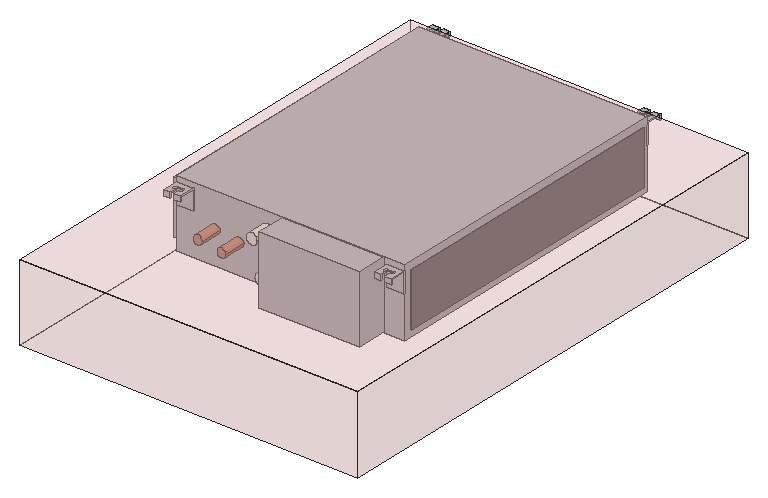
Revit family "PEFY-WP40VMS1-E_Service_Area3", category Mechanical Equipment, host Ceiling, Revit 2012
Parameters (values of type "PEFY-WP40VMS1-E_240V_60Hz")
  Description = "Ceiling concealed"
  Manufacturer = "Mitsubishi Electric Corporation"
  Model = "PEFY-WP40VMS1-E"
  Width = 990 mm
  Water Pipe_radius (To HBC Unit) = 13.2 mm
  Water Pipe_radius (From HBC Unit) = 13.2 mm
  WarrantyStart = ""
  Voltage = 240 V
  Unit Weight (kg) = 25
  URL = "http://www.mitsubishielectric.com/"
  TagNumber = 0
  Subcategory = "HVAC"
  Space View = yes
  Sound Pressure Level_Mid (dB(A)) = 32
  Sound Pressure Level_Low (dB(A)) = 30
  Sound Pressure Level_High (dB(A)) = 35
  SerialNumber = 0
  ReplacementYear = ""
  Protection Device = "Fuse"
  Phase = 1
  Maximum Circuit Ampacity (A) = 1
  InstallationDate = ""
  Hertz = 60 Hz
  Height = 200 mm
  Heating Power Input (kW) = 0.07
  Heating Current (A) = 0.62
  Heating Capacity (kW) = 5
  Fan_Type = "Sirocco fan"
  Fan_Quantity = 3
  Fan Motor Output (kW) = 0.096
  External_static_pressure (Pa) = "5-15-35-50"
  External Finish = "Galvanized steel plate"
  Equip_description = ""
  Equip_No. = 0
  Equip_ID = ""
  Drain pipe2_radius = 16 mm
  Drain pipe1_radius = 16 mm
  Description = ""
  Depth = 700 mm
  CreatedOn = ""
  CreatedBy = ""
  Cooling Power Input (kW) = 0.09
  Cooling Current (A) = 0.73
  Cooling Capacity (kW) = 4.5
  Category = ""
  Barcode = ""
  AssetIdentifier = ""
  Airflow Rate_Mid (m3/min) = 11
  Airflow Rate_Mid (m3/h) = 660
  Airflow Rate_Low (m3/min) = 9.5
  Airflow Rate_Low (m3/h) = 570
  Airflow Rate_High (m3/min) = 13
  Airflow Rate_High (m3/h) = 780
Types (6, lengths in mm): name | Voltage | Maximum Circuit Ampacity (A) | Hertz
  PEFY-WP40VMS1-E_220V_50Hz | 220 V | 1.02 | 50 Hz
  PEFY-WP40VMS1-E_220V_60Hz | 220 V | 1 | 60 Hz
  PEFY-WP40VMS1-E_230V_50Hz | 230 V | 1.02 | 50 Hz
  PEFY-WP40VMS1-E_230V_60Hz | 230 V | 1 | 60 Hz
  PEFY-WP40VMS1-E_240V_50Hz | 240 V | 1.02 | 50 Hz
  PEFY-WP40VMS1-E_240V_60Hz | 240 V | 1 | 60 Hz
Reference planes
  plane 1 "Center (Front/Back)": y = 0
  plane 2: z = 0
  plane 3 "Center (Left/Right)": x = 0
  plane 4 "Ceiling": z = 4030
  plane 5: z = 4050
  plane 6: z = 4250
  plane 7: y = -450
  plane 8: y = 350
  plane 9: y = 450
  plane 10: z = 4235
  plane 11: x = 325
  plane 12: x = 350
  plane 13: x = -300
  plane 14: x = -350
  plane 15: z = 4230
  plane 16: x = -57
  plane 17: z = 4202
  plane 18: z = 4080
  plane 19: x = -211
  plane 20: x = -141
  plane 21: z = 4148
  plane 22: z = 4138
  plane 23: y = -1000
  plane 24: y = -450
  plane 25: y = -430
  plane 26: y = -540
Forms (mm)
  Extrusion 1, solid, material "Plated steel"
    sketch origin (88.259, -237.375, 3750) x (1, 0, 0) y (0, 1, 0)
      loop
        line (-415.259, 687.375) -> (-415.259, -212.625) -> (261.741, -212.625) -> (261.741, 687.375) -> (-415.259, 687.375)
    from 300 to 500
  Extrusion 2, solid, material "Service space", visible <- "Space View"
    sketch origin (-2000, 6100, 4050) x (0, 1, 0) y (1, 0, 0)
      loop
        line (-7100, 1650) -> (-5650, 1650) -> (-5650, 2650) -> (-7100, 2650) -> (-7100, 1650)
    from 20 to -210
  Extrusion 3, solid
    sketch origin (0, 100, 0) x (0, 1, 0) y (0, 0, 1)
      loop
        line (-530, 4230) -> (-530, 4071) -> (330, 4071) -> (330, 4230) -> (-530, 4230)
    from 350 to 355
  Extrusion 4, solid
    sketch origin (-350, 100, 4250) x (0, 0, 1) y (0, -1, 0)
      loop
        line (-20, 530) -> (-179, 530) -> (-179, -330) -> (-20, -330) -> (-20, 530)
    from 0 to 23
  Extrusion 5, solid
    sketch origin (794.259, -450, 3750) x (-1, 0, 0) y (0, 0, -1)
      loop
        circle (851.259, -452) r 16
    from 0 to 57
  Extrusion 6, solid
    sketch origin (794.259, -450, 3750) x (-1, 0, 0) y (0, 0, -1)
      loop
        circle (851.259, -330) r 16
    from 0 to 25
  Extrusion 7, solid
    sketch origin (794.259, -450, 3750) x (-1, 0, 0) y (0, 0, -1)
      loop
        line (505.751, -500) -> (805.751, -500) -> (805.751, -300) -> (505.751, -300) -> (505.751, -500)
    from 0 to 90
  Extrusion 8, solid
    sketch origin (794.259, -450, 3750) x (-1, 0, 0) y (0, 0, -1)
      loop
        circle (1005.259, -398) r 13.2
      loop
        circle (935.259, -388) r 13.2
    from 0 to 64
Lines and regions (mm)
  model lines, visible <- "Space View"
    curve 1: line (-400, 500, 4030) -> (377, 500, 4030)
    curve 2: line (-400, -1000, 4030) -> (-400, 500, 4030)
    curve 3: line (377, -1000, 4030) -> (-400, -1000, 4030)
    curve 4: line (377, 500, 4030) -> (377, -1000, 4030)
Dimensions and locks
  equal spacing: host sketch curve, plane 3 "Center (Left/Right)", host sketch curve
  equal spacing: host sketch curve, plane 1 "Center (Front/Back)", host sketch curve
  host sketch curve to host sketch curve = 4000 mm  (x2)
  locked: plane 4 "Ceiling" to host ceiling at 0
  Extrusion 1 to Extrusion 1 = 900 mm
  Extrusion 1 to plane 1 "Center (Front/Back)" = 450 mm
  plane 5 to Extrusion 1 = 200 mm
  plane 6 to plane 5 = 200 mm
  plane 4 "Ceiling" to plane 5 = 20 mm
  Extrusion 1 to Extrusion 1 = 677 mm
  plane 7 to plane 9 = 900 mm
  locked: plane 10 to plane 6 at 15
  locked: plane 15 to plane 6 at 20
  locked: Extrusion 3 to plane 15 at 159
  locked: Extrusion 4 to plane 15 at 159
  plane 6 to plane 17 to plane 18 = 48 mm locked, 122 mm locked
  locked: Extrusion 7 to Extrusion 7 at 200
  plane 6 to plane 21 to plane 22 = 102 mm locked, 10 mm locked
  plane 14 to curve 4 = 727 mm
  aligned and locked: plane 5 to Extrusion 1
  aligned and locked: Extrusion 1 to plane 6
  aligned and locked: plane 7 to Extrusion 1
  aligned and locked: plane 9 to Extrusion 1
  aligned and locked: nested 1 to Extrusion 1
  aligned and locked: nested 1 to plane 13
  aligned and locked: nested 1 to plane 10
  aligned and locked: nested 2 to plane 10
  aligned and locked: plane 10 to nested 4
  aligned and locked: plane 10 to nested 3
  aligned and locked: nested 4 to plane 9
  aligned and locked: nested 3 to plane 9
  aligned and locked: Extrusion 3 to plane 15
  aligned and locked: Extrusion 4 to plane 15
  aligned and locked: plane 7 to nested 2
  aligned and locked: plane 17 to Extrusion 5
  aligned and locked: plane 18 to Extrusion 6
  aligned and locked: Extrusion 7 to plane 6
  aligned and locked: plane 21 to Extrusion 8
  aligned and locked: plane 22 to Extrusion 8
Nested families
  nested 1: "LEG" at (-300, -476, 4235), type "LEG_28"
  nested 2: "LEG" at (325, -476, 4235), type "LEG_28"
  nested 3: "LEG" at (-300, 476, 4235), type "LEG_28"
  nested 4: "LEG" at (325, 476, 4235), type "LEG_28"
Connectors
  piping at (-57, -507, 4202), driven by "Drain pipe1_radius"
    settings: on Extrusion 5, index 1, connector radius 16 mm, flow factor 0, pipe flow 0.0 L/s, pressure drop 0.0 Pa, fitting loss kfactor 0, connector angle 0.00°, fixture units 0, engagement length 0 mm, flow configuration 0, flow direction 2, fitting loss method 0, system type 22, joint type 0, gender type 0, connector reference index -1, connector utility 0, adjustable connector no, is connector primary yes, fitting loss table "", connector description "Drain pipe"
  piping at (-57, -475, 4080), driven by "Drain pipe2_radius"
    settings: on Extrusion 6, index 2, connector radius 16 mm, flow factor 0, pipe flow 0.0 L/s, pressure drop 0.0 Pa, fitting loss kfactor 0, connector angle 0.00°, fixture units 0, engagement length 0 mm, flow configuration 0, flow direction 2, fitting loss method 0, system type 22, joint type 0, gender type 0, connector reference index -1, connector utility 0, adjustable connector no, is connector primary no, fitting loss table "", connector description "Drain pipe"
  piping at (-141, -514, 4138)
    settings: on Extrusion 8, index 3, connector radius 13.2 mm, flow factor 0, pipe flow 0.0 L/s, pressure drop 0.0 Pa, fitting loss kfactor 0, connector angle 0.00°, fixture units 0, engagement length 0 mm, flow configuration 0, flow direction 1, fitting loss method 0, system type 22, joint type 0, gender type 0, connector reference index -1, connector utility 0, adjustable connector no, is connector primary no, fitting loss table "", connector description "Water pipe(From HBC unit)"
  piping at (-211, -514, 4148)
    settings: on Extrusion 8, index 4, connector radius 13.2 mm, flow factor 0, pipe flow 0.0 L/s, pressure drop 0.0 Pa, fitting loss kfactor 0, connector angle 0.00°, fixture units 0, engagement length 0 mm, flow configuration 0, flow direction 2, fitting loss method 0, system type 22, joint type 0, gender type 0, connector reference index -1, connector utility 0, adjustable connector no, is connector primary no, fitting loss table "", connector description "Water pipe(To HBC unit)"
  hvac at (355, 0, 4150.5)
    settings: on Extrusion 3, index 5, duct flow 0.0 L/s, flow factor 0, pres drop 0.0 Pa, loss coef 0, conn angle 0.00°, conn width 860 mm, conn height 160 mm, conn radius 304.8 mm, duct sys type 1, conn prof type 1, flow config 0, flow direction 1, loss method 0, conn ref index -1, conn util no, is conn primary yes, conn desc "Air inlet"
  hvac at (-350, 0, 4150.5)
    settings: on Extrusion 4, index 6, duct flow 0.0 L/s, flow factor 0, pres drop 0.0 Pa, loss coef 0, conn angle 0.00°, conn width 860 mm, conn height 150 mm, conn radius 304.8 mm, duct sys type 3, conn prof type 1, flow config 0, flow direction 2, loss method 0, conn ref index -1, conn util no, is conn primary no, conn desc "Air outlet"
  electrical at (288.508, -495, 4150)
    settings: on Extrusion 7, index 7, voltage 0 V, apparent load 0 VA, apparent load phase1 0 VA, apparent load phase2 0 VA, apparent load phase3 0 VA, power factor 1, load classification "Other", number of poles 1, system type 30, power factor state 1, is connector primary yes, connector utility no, sub classification motor no, connector description ""
Definition of nested family "LEG"
  Parameters (values of type "LEG_28")
    product distance = 28 mm
  Reference planes
    plane 1 "中心(正面/背面)": y = 0
    plane 2: z = 0
    plane 3 "中心(左/右)": x = 0
    plane 4: x = -25
    plane 5: x = 25
    plane 6: y = -23
    plane 7: y = 28
    plane 8: x = -8
    plane 9: x = 8
    plane 10: x = -6
    plane 11: x = 6
  Forms (mm)
    Extrusion 1, solid, material "Plated steel"
      sketch origin (0, 0, 0) x (1, 0, 0) y (0, 1, 0)
        loop
          line (-25, 26) -> (-25, -23) -> (25, -23) -> (25, 26) -> (-25, 26)
      from 0 to -60
    Extrusion 2, void
      sketch origin (0, 0, 0) x (0, 1, 0) y (0, 0, 1)
        loop
          line (-20.7, -2.3) -> (-20.7, -15) -> (-23, -15) -> (-23, -60) -> (24, -60) -> (24, -2.3) -> (-20.7, -2.3)
      from -25 to 25
    Extrusion 3, void
      sketch origin (0, 0, 0) x (1, 0, 0) y (0, 1, 0)
        loop
          arc (-8, 7) -> (-15, 0) -> (-8, -7) r 7
          line (-8, -7) -> (-6, -7) -> (-6, -23) -> (6, -23) -> (6, -7) -> (8, -7)
          arc (8, -7) -> (15, 0) -> (8, 7) r 7
          line (8, 7) -> (-8, 7)
      from 0 to -60
  Cuts and joins
    Extrusion 2, Extrusion 3 cuts Extrusion 1
  Dimensions and locks
    locked: Extrusion 1 sketch curve to Extrusion 1 sketch curve at 50
    equal spacing: Extrusion 1 sketch curve, plane 3 "中心(左/右)", Extrusion 1 sketch curve
    locked: plane 6 to plane 1 "中心(正面/背面)" at 23
    "product distance": plane 1 "中心(正面/背面)" to plane 7
    plane 7 to Extrusion 2 sketch curve = 4 mm
    locked: cut or joined group of Extrusion 1, Extrusion 2, Extrusion 3 to cut or joined group of Extrusion 1, Extrusion 2, Extrusion 3 at 2.3  (x2)
    aligned and locked: level to plane 2
    aligned and locked: Extrusion 2 to Extrusion 1
    aligned and locked: Extrusion 1 to Extrusion 2
    aligned and locked: Extrusion 2 sketch curve to cut or joined group of Extrusion 1, Extrusion 2, Extrusion 3  (x2)
    aligned and locked: cut or joined group of Extrusion 1, Extrusion 2, Extrusion 3 to Extrusion 3 sketch curve
    aligned and locked: plane 6 to Extrusion 1 sketch curve
  Automatic sketch dimensions
    Extrusion 2 sketch curve to plane 6 = 2.3 mm
    Extrusion 2 sketch curve to level = 15 mm
    Extrusion 2 sketch curve to level = 2.3 mm
    plane 1 "中心(正面/背面)" to Extrusion 3 sketch curve = 0 mm  (x2)
    Extrusion 3 sketch curve to plane 8 = 0 mm
    Extrusion 3 sketch curve to plane 10 = 0 mm
    Extrusion 3 sketch curve to plane 11 = 0 mm
    Extrusion 3 sketch curve to plane 9 = 0 mm  (x2)
    plane 1 "中心(正面/背面)" to Extrusion 3 sketch curve = 7 mm
    plane 7 to Extrusion 1 sketch curve = 2 mm
